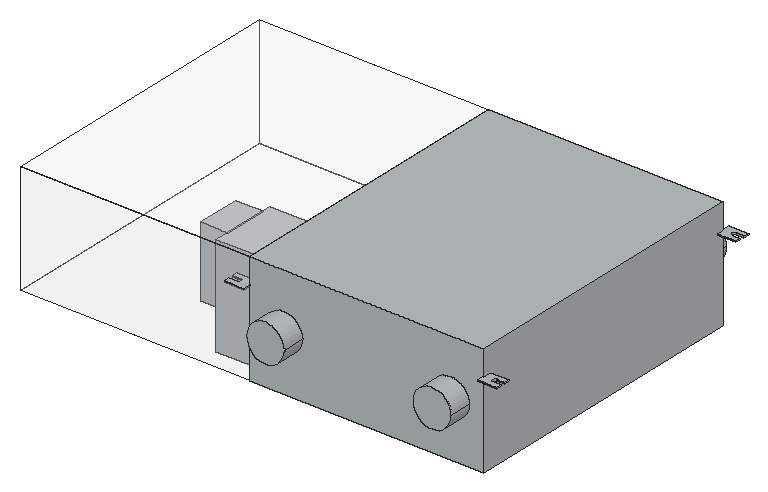
Revit family "lgh-n15_100rxw2_rxv2(d)-c_50Hz", category 機械設備, Revit 2019
Family settings
  丸型コネクタ寸法 = 直径を使用
  パーツ タイプ = 標準
  OmniClass 番号 = 23.75.10.34.21
  OmniClass タイトル = Heat Exchangers for Ventilation Air
  作業面ベース = いいえ
  常に垂直 = はい
  ロード時にボイドで切り取り = いいえ
  共有 = いいえ
  部屋計算ポイント = はい
Parameters (values of type "LGH-N15RXW2-C_100V")
  騒音レベル(dB(A)) = 31
  風量 = 150.0 m³/h
  面風速 = 5.31 m/s
  電源種別 [instance] = "一般"
  電圧 = 100 V
  電動機出力 = 0 W
  集中コントローラ = ""
  運転質量 = 0.00 kg
  連動 [instance] = ""
  質量 = if(製品質量 > 運転質量, 製品質量, 運転質量) * 1.2  # 27.60 kg
  負荷分類 = 3_ファン類
  説明 = "業務用ロスナイ 天井埋込形 DCマイコン CO2センサー付"
  設計風量 = 0.0 m³/h
  設置方法 = "天井吊(隠ぺい)形"
  記号 [instance] = ""
  製造元 = "三菱電機株式会社"
  製品質量 = 23.00 kg
  製品出荷対象 = "国内"
  製品リリース年月 = "2023/5/15"
  製品グループ = ""
  系統 [instance] = ""
  符号 = "HEU"
  積算_科目 = "1 空気調和設備"
  積算_拾い区分 [instance] = ""
  相 = 1
  盤記号 [instance] = ""
  発停方法 [instance] = ""
  特殊仕様 [instance] = ""
  点検口高さ = -Height  # -290 mm
  点検口離隔 = 150 mm
  点検口_Depth = 450 mm
  点検口 = yes
  火災停止 [instance] = ""
  温度交換効率 = 74.00%
  消費電力 = 85 W
  法定耐用年数 = "15"
  機外静圧_排気 = 210.0 Pa
  機外静圧 = 210.0 Pa
  極数 = 2
  材質 [instance] = ""
  本体マテリアル = 溶融亜鉛めっき鋼板
  操作・制御方式 = ""
  操作・制御スイッチ = ""
  排気量 = 0.0 m³/h
  形式 = "天井埋込ダクト形"
  幹線記号 [instance] = ""
  対象室 [instance] = ""
  実風量 = 0.0 m³/h
  始動方式 [instance] = "直入"
  天吊金具_径 = 13 mm
  天吊金具_幅 = 20 mm
  外気量 = 0.0 m³/h
  呼称 = "全熱交換ユニット"
  周波数 = 50 Hz
  天吊金具ピッチ2 = 780 mm
  天吊金具ピッチ1 = 670 mm
  天吊金具_高さ = 65 mm
  参照している仕様書等のバージョン = ""
  初期抵抗 = 0.0 Pa
  分類コード = "50052504100070"
  分類グループ = ""
  価格 = 581000
  企業コード = "108420"
  付属品_フィルター_還気 = ""
  付属品_フィルター = ""
  付属品 [instance] = ""
  仕様書バージョン = "Version1.0"
  モデル = "LGH-N15RXW2-C"
  メンテナンススペース = yes
  ダクト径 = 100 mm
  コメント [instance] = ""
  Keynote = ""
  エンタルピ交換効率_暖房 = 75.50%
  エンタルピ交換効率_冷房 = 64.50%
  Assembly Code = ""
  Width = 610 mm
  Version = ""
  Uniclass2015Version = "Systems v1.9"
  Uniclass2015Title = "Thermal wheels"
  Uniclass2015Code = "Pr_60_60_36_88"
  URL = "https://www.mitsubishielectric.co.jp/ldg/wink/qr/002/324426/"
  SpecificationReference = ""
  SpecificationDescription = ""
  Sensor_Width = 184 mm
  Sensor_D = 69 mm
  Sensor_Height = 183 mm
  Sensor_H = 14 mm
  Sensor_Depth = 115 mm
  SMAX風量 = 150.0 m³/h
  SMAX静圧 = 210.0 Pa
  SAサイズ_D = 97.5 mm
  Revision = ""
  RAサイズ_D = 97.5 mm
  ProductInformation = ""
  OmniClassCode = "23-27 23 19 11"
  OAダクト接続口方向_標準 = yes
  OAダクト接続口方向_変更 = not(OAダクト接続口方向_標準)  # no
  OAサイズ_W = 0 mm
  OAサイズ_D = 97.5 mm
  MIN風量 = 66.0 m³/h
  MIN静圧 = 35.0 Pa
  MID風量 = 108.0 m³/h
  MID静圧 = 93.0 Pa
  MAX風量 = 150.0 m³/h
  MAX静圧 = 180.0 Pa
  IfcTypeProduct = ""
  IfcProduct = ""
  IfcExportType = "ROTARYWHEEL"
  IfcExportAs = "IfcAirToAirHeatRecoveryType"
  Height = 290 mm
  EAダクト接続口方向_変更 = not(EAダクト接続口方向_標準)  # no
  EAダクト接続口方向_標準 = yes
  EAサイズ_W = 0 mm
  EAサイズ_D = 97.5 mm
  Duct_Pitch = 435 mm
  Duct_Height = 145 mm
  Duct_Depth = 59 mm
  DuctChange_Center = 118 mm
  Depth = 780 mm
  Clearance Top = 0 mm
  Clearance Left = 600 mm
  Clearance Bottom = 0 mm
  Box_Width = 115 mm
  Box_Height = 261 mm
  Box_H = 15 mm
  Box_Depth = 175 mm
  Box_D = 33 mm
  Author = "三菱電機株式会社"
Types (14, lengths in mm): name | 騒音レベル(dB(A)) | 風量 | 面風速 | 電圧 | 質量 | 製品質量 | 点検口高さ | 温度交換効率 | 消費電力 | 機外静圧_排気 | 機外静圧 | 極数 | 天吊金具ピッチ2 | 天吊金具ピッチ1 | 天吊金具_高さ | 価格 | モデル | ダクト径 | エンタルピ交換効率_暖房 | エンタルピ交換効率_冷房 | Width | URL | Sensor_D | Sensor_H | SMAX風量 | SMAX静圧 | SAサイズ_D | RAサイズ_D | OAサイズ_D | MIN風量 | MIN静圧 | MID風量 | MID静圧 | MAX風量 | MAX静圧 | Height | EAサイズ_D | Duct_Pitch | Duct_Height | Duct_Depth | DuctChange_Center | Depth | Box_H | Box_D
  LGH-N15RXW2-C_100V | 31 | 150.0 m³/h | 5.31 m/s | 100 V | 27.60 kg | 23.00 kg | -290 | 74.00% | 85 W | 210.0 Pa | 210.0 Pa | 2 | 780 | 670 | 65 | 581000 | "LGH-N15RXW2-C" | 100 | 75.50% | 64.50% | 610 | "https://www.mitsubishielectric.co.jp/ldg/wink/qr/002/324426/" | 69 | 14 | 150.0 m³/h | 210.0 Pa | 97.5 | 97.5 | 97.5 | 66.0 m³/h | 35.0 Pa | 108.0 m³/h | 93.0 Pa | 150.0 m³/h | 180.0 Pa | 290 | 97.5 | 435 | 145 | 59 | 118 | 780 | 15 | 33
  LGH-N15RXW2-C_200V | 31 | 150.0 m³/h | 5.31 m/s | 200 V | 27.60 kg | 23.00 kg | -290 | 74.00% | 85 W | 210.0 Pa | 210.0 Pa | 3 | 780 | 670 | 65 | 581000 | "LGH-N15RXW2-C" | 100 | 75.50% | 64.50% | 610 | "https://www.mitsubishielectric.co.jp/ldg/wink/qr/002/324426/" | 69 | 14 | 150.0 m³/h | 210.0 Pa | 97.5 | 97.5 | 97.5 | 66.0 m³/h | 35.0 Pa | 108.0 m³/h | 93.0 Pa | 150.0 m³/h | 180.0 Pa | 290 | 97.5 | 435 | 145 | 59 | 118 | 780 | 15 | 33
  LGH-N25RXW2-C_100V | 30 | 250.0 m³/h | 3.93 m/s | 100 V | 28.80 kg | 24.00 kg | -290 | 70.00% | 110 W | 170.0 Pa | 170.0 Pa | 2 | 780 | 795 | 65 | 613000 | "LGH-N25RXW2-C" | 150 | 73.00% | 63.00% | 735 | "https://www.mitsubishielectric.co.jp/ldg/wink/qr/002/324428/" | 69 | 14 | 250.0 m³/h | 170.0 Pa | 142 | 142 | 142 | 110.0 m³/h | 28.0 Pa | 180.0 m³/h | 75.0 Pa | 250.0 m³/h | 145.0 Pa | 290 | 142 | 520 | 145 | 69 | 118 | 780 | 15 | 33
  LGH-N25RXW2-C_200V | 30 | 250.0 m³/h | 3.93 m/s | 200 V | 28.80 kg | 24.00 kg | -290 | 70.00% | 110 W | 170.0 Pa | 170.0 Pa | 3 | 780 | 795 | 65 | 613000 | "LGH-N25RXW2-C" | 150 | 73.00% | 63.00% | 735 | "https://www.mitsubishielectric.co.jp/ldg/wink/qr/002/324428/" | 69 | 14 | 250.0 m³/h | 170.0 Pa | 142 | 142 | 142 | 110.0 m³/h | 28.0 Pa | 180.0 m³/h | 75.0 Pa | 250.0 m³/h | 145.0 Pa | 290 | 142 | 520 | 145 | 69 | 118 | 780 | 15 | 33
  LGH-N35RXW2-C_100V | 33 | 350.0 m³/h | 5.5 m/s | 100 V | 39.60 kg | 33.00 kg | -330 | 71.50% | 210 W | 300.0 Pa | 300.0 Pa | 2 | 890 | 935 | 70 | 653000 | "LGH-N35RXW2-C" | 150 | 74.50% | 65.50% | 875 | "https://www.mitsubishielectric.co.jp/ldg/wink/qr/002/324429/" | 104 | 22 | 350.0 m³/h | 300.0 Pa | 142 | 142 | 142 | 154.0 m³/h | 36.0 Pa | 252.0 m³/h | 96.0 Pa | 350.0 m³/h | 185.0 Pa | 330 | 142 | 600 | 165 | 69 | 140 | 890 | 23 | 68
  LGH-N35RXW2-C_200V | 33 | 350.0 m³/h | 5.5 m/s | 200 V | 39.60 kg | 33.00 kg | -330 | 71.50% | 210 W | 300.0 Pa | 300.0 Pa | 3 | 890 | 935 | 70 | 653000 | "LGH-N35RXW2-C" | 150 | 74.50% | 65.50% | 875 | "https://www.mitsubishielectric.co.jp/ldg/wink/qr/002/324429/" | 104 | 22 | 350.0 m³/h | 300.0 Pa | 142 | 142 | 142 | 154.0 m³/h | 36.0 Pa | 252.0 m³/h | 96.0 Pa | 350.0 m³/h | 185.0 Pa | 330 | 142 | 600 | 165 | 69 | 140 | 890 | 23 | 68
  LGH-N50RXW2-C_100V | 37 | 500.0 m³/h | 4.42 m/s | 100 V | 44.40 kg | 37.00 kg | -330 | 71.00% | 315 W | 310.0 Pa | 310.0 Pa | 2 | 890 | 1080 | 70 | 733000 | "LGH-N50RXW2-C" | 200 | 73.00% | 63.00% | 1020 | "https://www.mitsubishielectric.co.jp/ldg/wink/qr/002/324430/" | 104 | 22 | 500.0 m³/h | 310.0 Pa | 192 | 192 | 192 | 220.0 m³/h | 37.0 Pa | 360.0 m³/h | 98.0 Pa | 500.0 m³/h | 190.0 Pa | 330 | 192 | 700 | 165 | 84 | 130 | 890 | 23 | 68
  LGH-N50RXW2-C_200V | 37 | 500.0 m³/h | 4.42 m/s | 200 V | 44.40 kg | 37.00 kg | -330 | 71.00% | 315 W | 310.0 Pa | 310.0 Pa | 3 | 890 | 1080 | 70 | 733000 | "LGH-N50RXW2-C" | 200 | 73.00% | 63.00% | 1020 | "https://www.mitsubishielectric.co.jp/ldg/wink/qr/002/324430/" | 104 | 22 | 500.0 m³/h | 310.0 Pa | 192 | 192 | 192 | 220.0 m³/h | 37.0 Pa | 360.0 m³/h | 98.0 Pa | 500.0 m³/h | 190.0 Pa | 330 | 192 | 700 | 165 | 84 | 130 | 890 | 23 | 68
  LGH-N65RXW2-C_100V | 40 | 650.0 m³/h | 5.75 m/s | 100 V | 51.60 kg | 43.00 kg | -404 | 71.50% | 445 W | 320.0 Pa | 320.0 Pa | 2 | 984 | 952 | 76 | 809000 | "LGH-N65RXW2-C" | 200 | 72.00% | 63.00% | 892 | "https://www.mitsubishielectric.co.jp/ldg/wink/qr/002/324431/" | 107 | 56 | 650.0 m³/h | 320.0 Pa | 192 | 192 | 192 | 286.0 m³/h | 45.0 Pa | 468.0 m³/h | 119.0 Pa | 650.0 m³/h | 230.0 Pa | 404 | 192 | 620 | 202 | 84 | 122 | 984 | 57 | 71
  LGH-N65RXW2-C_200V | 40 | 650.0 m³/h | 5.75 m/s | 200 V | 51.60 kg | 43.00 kg | -404 | 71.50% | 445 W | 320.0 Pa | 320.0 Pa | 3 | 984 | 952 | 76 | 809000 | "LGH-N65RXW2-C" | 200 | 72.00% | 63.00% | 892 | "https://www.mitsubishielectric.co.jp/ldg/wink/qr/002/324431/" | 107 | 56 | 650.0 m³/h | 320.0 Pa | 192 | 192 | 192 | 286.0 m³/h | 45.0 Pa | 468.0 m³/h | 119.0 Pa | 650.0 m³/h | 230.0 Pa | 404 | 192 | 620 | 202 | 84 | 122 | 984 | 57 | 71
  LGH-N80RXV2-C | 40 | 800.0 m³/h | 4.53 m/s | 100 V | 63.60 kg | 53.00 kg | -404 | 73.00% | 540 W | 310.0 Pa | 310.0 Pa | 2 | 1144 | 1064 | 76 | 921000 | "LGH-N80RXV2-C" | 250 | 75.00% | 65.00% | 1004 | "https://www.mitsubishielectric.co.jp/ldg/wink/qr/002/324432/" | 182 | 87 | 800.0 m³/h | 310.0 Pa | 242 | 242 | 242 | 352.0 m³/h | 37.0 Pa | 576.0 m³/h | 98.0 Pa | 800.0 m³/h | 190.0 Pa | 404 | 242 | 690 | 202 | 84 | 165 | 1144 | 88 | 146
  LGH-N80RXV2D-C | 40 | 800.0 m³/h | 4.53 m/s | 200 V | 63.60 kg | 53.00 kg | -404 | 73.00% | 540 W | 310.0 Pa | 310.0 Pa | 3 | 1144 | 1064 | 76 | 921000 | "LGH-N80RXV2D-C" | 250 | 75.00% | 65.00% | 1004 | "https://www.mitsubishielectric.co.jp/ldg/wink/qr/002/324433/" | 182 | 87 | 800.0 m³/h | 310.0 Pa | 242 | 242 | 242 | 352.0 m³/h | 37.0 Pa | 576.0 m³/h | 98.0 Pa | 800.0 m³/h | 190.0 Pa | 404 | 242 | 690 | 202 | 84 | 165 | 1144 | 88 | 146
  LGH-N100RXV2-C | 38 | 1000.0 m³/h | 5.66 m/s | 100 V | 69.60 kg | 58.00 kg | -404 | 73.00% | 580 W | 225.0 Pa | 225.0 Pa | 2 | 1144 | 1291 | 76 | 1020000 | "LGH-N100RXV2-C" | 250 | 75.00% | 65.00% | 1231 | "https://www.mitsubishielectric.co.jp/ldg/wink/qr/002/324423/" | 182 | 87 | 1000.0 m³/h | 225.0 Pa | 242 | 242 | 242 | 440.0 m³/h | 32.0 Pa | 720.0 m³/h | 86.0 Pa | 1000.0 m³/h | 165.0 Pa | 404 | 242 | 917 | 202 | 84 | 165 | 1144 | 88 | 146
  LGH-N100RXV2D-C | 38 | 1000.0 m³/h | 5.66 m/s | 200 V | 69.60 kg | 58.00 kg | -404 | 73.00% | 580 W | 225.0 Pa | 225.0 Pa | 3 | 1144 | 1291 | 76 | 1020000 | "LGH-N100RXV2D-C" | 250 | 75.00% | 65.00% | 1231 | "https://www.mitsubishielectric.co.jp/ldg/wink/qr/002/324424/" | 182 | 87 | 1000.0 m³/h | 225.0 Pa | 242 | 242 | 242 | 440.0 m³/h | 32.0 Pa | 720.0 m³/h | 86.0 Pa | 1000.0 m³/h | 165.0 Pa | 404 | 242 | 917 | 202 | 84 | 165 | 1144 | 88 | 146
Reference planes
  plane 1 "中心(正面/背面)": y = 0
  plane 2: z = 0
  plane 3 "中心(左/右)": x = 0
  plane 4: x = -305
  plane 5: x = 305
  plane 6: y = 390
  plane 7: y = -390
  plane 8: z = -290
  plane 9: z = -145
  plane 10: x = -217.5
  plane 11: x = 217.5
  plane 12: y = -449
  plane 13: y = 449
  plane 14: y = 272
  plane 15: x = -364
  plane 16: x = 364
  plane 17: x = -905
  plane 18: y = -357
  plane 19: y = -182
  plane 20: z = -15
  plane 21: z = -276
  plane 22: x = -420
  plane 23: x = -455
  plane 24: y = 225
  plane 25: x = -335
  plane 26: x = 335
  plane 27: y = 390
  plane 28: y = -390
  plane 29: y = -225
  plane 30: x = -355
  plane 31: y = 410
  plane 32: y = 370
  plane 33: y = -370
  plane 34: y = -410
  plane 35: z = -5
  plane 36: z = -65
  plane 37: z = -68
  plane 38: x = 355
  plane 39: y = -321
  plane 40: y = -206
  plane 41: z = -14
  plane 42: z = -197
  plane 43: x = -489
  plane 44: z = -290
  plane 45: z = 0
Forms (mm)
  Extrusion 1, solid, material "溶融亜鉛めっき鋼板" <- "本体マテリアル", detail levels fine
    sketch origin (0, 0, 0) x (1, 0, 0) y (0, 1, 0)
      loop
        line (-305, 390) -> (-305, -390) -> (305, -390) -> (305, 390) -> (-305, 390)
    from 0 to -290
  Extrusion 2, solid, material "溶融亜鉛めっき鋼板" <- "本体マテリアル", detail levels fine
    sketch origin (510, -445, 0) x (-1, 0, 0) y (0, 0, -1)
      loop
        circle (292.5, 145) r 48.75
    from -55 to 4
  Extrusion 3, solid, material "溶融亜鉛めっき鋼板" <- "本体マテリアル", detail levels fine
    sketch origin (-305, -390, 0) x (0, 1, 0) y (0, 0, -1)
      loop
        line (208, 15) -> (208, 276) -> (33, 276) -> (33, 15) -> (208, 15)
    from 0 to 115
  Extrusion 4, solid, material "溶融亜鉛めっき鋼板" <- "本体マテリアル", detail levels fine
    sketch origin (0, 0, 0) x (1, 0, 0) y (0, 1, 0)
      loop
        line (-355, 410) -> (-355, 396.5) -> (-335, 396.5)
        arc (-335, 396.5) -> (-328.5, 390) -> (-335, 383.5) r 6.5
        line (-335, 383.5) -> (-355, 383.5) -> (-355, 370) -> (-305, 370) -> (-305, 410) -> (-355, 410)
    from -65 to -68
  Extrusion 5, solid, material "溶融亜鉛めっき鋼板" <- "本体マテリアル", detail levels fine
    sketch origin (0, 0, 0) x (1, 0, 0) y (0, 1, 0)
      loop
        line (-355, -410) -> (-305, -410) -> (-305, -370) -> (-355, -370) -> (-355, -383.5) -> (-335, -383.5)
        arc (-335, -383.5) -> (-328.5, -390) -> (-335, -396.5) r 6.5
        line (-335, -396.5) -> (-355, -396.5) -> (-355, -410)
    from -65 to -68
  Extrusion 6, solid, material "溶融亜鉛めっき鋼板" <- "本体マテリアル", detail levels fine
    sketch origin (0, 0, 0) x (-1, 0, 0) y (0, -1, 0)
      loop
        line (-355, 410) -> (-355, 396.5) -> (-335, 396.5)
        arc (-335, 396.5) -> (-328.5, 390) -> (-335, 383.5) r 6.5
        line (-335, 383.5) -> (-355, 383.5) -> (-355, 370) -> (-305, 370) -> (-305, 410) -> (-355, 410)
    from -65 to -68
  Extrusion 7, solid, material "溶融亜鉛めっき鋼板" <- "本体マテリアル", detail levels fine
    sketch origin (0, 0, 0) x (-1, 0, 0) y (0, -1, 0)
      loop
        line (-355, -410) -> (-305, -410) -> (-305, -370) -> (-355, -370) -> (-355, -383.5) -> (-335, -383.5)
        arc (-335, -383.5) -> (-328.5, -390) -> (-335, -396.5) r 6.5
        line (-335, -396.5) -> (-355, -396.5) -> (-355, -410)
    from -65 to -68
  Extrusion 8, solid, material "溶融亜鉛めっき鋼板" <- "本体マテリアル", visible <- "EAダクト接続口方向_標準", detail levels fine
    sketch origin (510, 445, 0) x (-1, 0, 0) y (0, 0, 1)
      loop
        circle (292.5, -145) r 48.75
    from -55 to 4
  Extrusion 9, solid, material "溶融亜鉛めっき鋼板" <- "本体マテリアル", visible <- "OAダクト接続口方向_標準", detail levels fine
    sketch origin (-510, 445, 0) x (1, 0, 0) y (0, 0, -1)
      loop
        circle (292.5, 145) r 48.75
    from -55 to 4
  Extrusion 10, solid, material "溶融亜鉛めっき鋼板" <- "本体マテリアル", detail levels fine
    sketch origin (-510, -445, 0) x (1, 0, 0) y (0, 0, 1)
      loop
        circle (292.5, -145) r 48.75
    from -55 to 4
  Extrusion 11, solid, material "溶融亜鉛めっき鋼板" <- "本体マテリアル", visible <- "EAダクト接続口方向_変更", detail levels fine
    sketch origin (0, 0, 0) x (0, 1, 0) y (0, 0, 1)
      loop
        circle (272, -145) r 48.75
    from 305 to 364
  Extrusion 12, solid, material "溶融亜鉛めっき鋼板" <- "本体マテリアル", visible <- "OAダクト接続口方向_変更", detail levels fine
    sketch origin (0, 0, 0) x (0, 1, 0) y (0, 0, -1)
      loop
        circle (272, 145) r 48.75
    from 305 to 364
  Extrusion 13, solid, material "溶融亜鉛めっき鋼板" <- "本体マテリアル", detail levels fine
    sketch origin (0, 0, 0) x (0, 1, 0) y (0, 0, 1)
      loop
        line (-206, -14) -> (-321, -14) -> (-321, -197) -> (-206, -197) -> (-206, -14)
    from -489 to -420
Lines and regions (mm)
  Masking region 1, detail levels coarse+medium
    outline origin (1326.5, 29, 0) x (1, 0, 0) y (0, 1, 0)
      loop
        line (-1631.5, 361) -> (-1631.5, -419) -> (-1021.5, -419) -> (-1021.5, 361) -> (-1631.5, 361)
  symbolic lines, detail levels coarse+medium
    curve 1: line (0, 390, 0) -> (-305, 0, 0)
    curve 2: line (-305, 0, 0) -> (0, -390, 0)
    curve 3: line (0, -390, 0) -> (305, 0, 0)
    curve 4: line (305, 0, 0) -> (0, 390, 0)
Dimensions and locks
  equal spacing: plane 4, plane 3 "中心(左/右)", plane 5
  "Width": plane 4 to plane 5
  equal spacing: plane 6, plane 1 "中心(正面/背面)", plane 7
  "Depth": plane 6 to plane 7
  "Height": level to plane 8
  "Duct_Height": level to plane 9
  equal spacing: plane 11, plane 3 "中心(左/右)", plane 10
  "Duct_Pitch": plane 11 to plane 10
  "Duct_Depth": plane 13 to plane 6
  "Duct_Depth": plane 7 to plane 12
  "DuctChange_Center": plane 6 to plane 14
  "Duct_Depth": plane 5 to plane 16
  "Duct_Depth": plane 15 to plane 4
  "Clearance Left": plane 17 to plane 4
  "Box_H": level to plane 20
  "Box_Height": plane 20 to plane 21
  "Box_D": plane 18 to plane 7
  "Box_Depth": plane 19 to plane 18
  "Box_Width": plane 22 to plane 4
  "点検口離隔": plane 23 to plane 4
  equal spacing: plane 25, plane 3 "中心(左/右)", plane 26
  "天吊金具ピッチ1": plane 25 to plane 26
  equal spacing: plane 27, plane 1 "中心(正面/背面)", plane 28
  "天吊金具ピッチ2": plane 27 to plane 28
  equal spacing: plane 24, plane 1 "中心(正面/背面)", plane 29
  "点検口_Depth": plane 24 to plane 29
  equal spacing: plane 31, plane 27, plane 32
  locked: plane 31 to plane 32 at 40
  "天吊金具_幅": plane 30 to plane 25
  "天吊金具_高さ": level to plane 36
  locked: plane 36 to plane 37 at 3
  equal spacing: plane 33, plane 28, plane 34
  locked: plane 33 to plane 34 at 40
  "天吊金具_幅": plane 26 to plane 38
  "Sensor_D": plane 39 to plane 28
  "Sensor_Depth": plane 40 to plane 39
  "Sensor_H": level to plane 41
  "Sensor_Height": plane 41 to plane 42
  "Sensor_Width": plane 43 to plane 4
  "Clearance Top": plane 45 to level
  "Clearance Bottom": plane 8 to plane 44
  "RAサイズ_D": diameter of Extrusion 2 sketch curve
  "EAサイズ_D": diameter of Extrusion 8 sketch curve
  "OAサイズ_D": diameter of Extrusion 9 sketch curve
  "SAサイズ_D": diameter of Extrusion 10 sketch curve
  "EAサイズ_D": diameter of Extrusion 11 sketch curve
  "EAサイズ_D": diameter of Extrusion 12 sketch curve
  "天吊金具_径": diameter of Extrusion 5 sketch curve
  "天吊金具_径": diameter of Extrusion 4 sketch curve
  "天吊金具_径": diameter of Extrusion 7 sketch curve
  "天吊金具_径": diameter of Extrusion 6 sketch curve
  aligned and locked: level to plane 2
  aligned and locked: Extrusion 1 to plane 8
  aligned and locked: plane 7 to Extrusion 2
  aligned and locked: Extrusion 2 to plane 12
  aligned and locked: plane 17 to nested 1
  aligned and locked: plane 4 to nested 1
  aligned and locked: nested 1 to plane 6
  aligned and locked: nested 1 to plane 7
  aligned and locked: Extrusion 3 to plane 22
  aligned and locked: plane 4 to Extrusion 3
  aligned and locked: Masking region 1 to plane 4
  aligned and locked: plane 5 to Masking region 1
  aligned and locked: plane 6 to Masking region 1
  aligned and locked: Masking region 1 to plane 7
  aligned and locked: plane 26 to nested 2
  aligned and locked: plane 25 to nested 2
  aligned and locked: nested 2 to plane 28
  aligned and locked: plane 27 to nested 2
  aligned and locked: Extrusion 3 to plane 19
  aligned and locked: Extrusion 3 to plane 21
  aligned and locked: plane 20 to Extrusion 3
  aligned and locked: plane 18 to Extrusion 3
  aligned and locked: plane 23 to nested 3
  aligned and locked: plane 17 to nested 3
  aligned and locked: plane 24 to nested 3
  aligned and locked: nested 3 to plane 29
  aligned and locked: plane 4 to Extrusion 4
  aligned and locked: Extrusion 4 to plane 30  (x2)
  aligned and locked: plane 31 to Extrusion 4
  aligned and locked: Extrusion 4 to plane 36
  aligned and locked: Extrusion 4 to plane 37
  aligned and locked: plane 4 to Extrusion 5
  aligned and locked: plane 33 to Extrusion 5
  aligned and locked: Extrusion 5 to plane 34
  aligned and locked: Extrusion 5 to plane 30  (x2)
  aligned and locked: Extrusion 5 to Extrusion 4  (x2)
  aligned and locked: Extrusion 7 to plane 38  (x2)
  aligned and locked: Extrusion 7 to plane 32
  aligned and locked: plane 31 to Extrusion 7
  aligned and locked: Extrusion 6 to plane 38
  aligned and locked: Extrusion 6 to plane 34
  aligned and locked: Extrusion 6 to plane 5
  aligned and locked: plane 33 to Extrusion 6
  aligned and locked: Extrusion 6 to plane 37
  aligned and locked: plane 36 to Extrusion 6
  aligned and locked: Extrusion 7 to plane 37
  aligned and locked: plane 36 to Extrusion 7
  aligned and locked: plane 13 to Extrusion 8
  aligned and locked: Extrusion 8 to plane 6
  aligned and locked: plane 13 to Extrusion 9
  aligned and locked: Extrusion 9 to plane 6
  aligned and locked: Extrusion 10 to plane 12
  aligned and locked: plane 7 to Extrusion 10
  aligned and locked: plane 16 to Extrusion 11
  aligned and locked: Extrusion 11 to plane 5
  aligned and locked: plane 4 to Extrusion 12
  aligned and locked: Extrusion 12 to plane 15
  aligned and locked: plane 41 to Extrusion 13 sketch curve
  aligned and locked: Extrusion 13 sketch curve to plane 40
  aligned and locked: Extrusion 13 sketch curve to plane 42
  aligned and locked: plane 39 to Extrusion 13 sketch curve
  aligned and locked: Extrusion 13 to plane 43
  aligned and locked: Extrusion 13 to Extrusion 3
  aligned and locked: plane 44 to nested 1
  aligned and locked: plane 45 to nested 1
Automatic sketch dimensions
  plane 1 "中心(正面/背面)" to curve 1 = 0 mm
  curve 1 to plane 4 = 0 mm
  curve 2 to plane 3 "中心(左/右)" = 0 mm
  curve 4 to plane 3 "中心(左/右)" = 0 mm
  plane 1 "中心(正面/背面)" to curve 4 = 0 mm
  curve 4 to plane 5 = 0 mm
  curve 2 to plane 7 = 0 mm
  curve 4 to plane 6 = 0 mm
  Extrusion 1 sketch curve to plane 4 = 0 mm
  Extrusion 1 sketch curve to plane 5 = 0 mm
  Extrusion 1 sketch curve to plane 7 = 0 mm
  Extrusion 1 sketch curve to plane 6 = 0 mm
  Extrusion 2 sketch curve to plane 9 = 0 mm
  Extrusion 2 sketch curve to plane 11 = 0 mm
  Extrusion 3 sketch curve to Extrusion 1 = 33 mm
  Extrusion 1 to Extrusion 3 sketch curve = 14 mm
  Extrusion 3 sketch curve to Extrusion 3 sketch curve = 175 mm
  Extrusion 1 to Extrusion 3 sketch curve = 15 mm
  Masking region 1 sketch curve to plane 4 = 0 mm
  Masking region 1 sketch curve to plane 5 = 0 mm
  Masking region 1 sketch curve to plane 7 = 0 mm
  Masking region 1 sketch curve to plane 6 = 0 mm
  Extrusion 8 sketch curve to plane 9 = 0 mm
  Extrusion 8 sketch curve to plane 11 = 0 mm
  Extrusion 9 sketch curve to plane 9 = 0 mm
  Extrusion 9 sketch curve to plane 10 = 0 mm
  Extrusion 10 sketch curve to plane 9 = 0 mm
  Extrusion 10 sketch curve to plane 10 = 0 mm
  Extrusion 11 sketch curve to plane 9 = 0 mm
  Extrusion 11 sketch curve to plane 14 = 0 mm
  Extrusion 12 sketch curve to plane 9 = 0 mm
  Extrusion 12 sketch curve to plane 14 = 0 mm
  Extrusion 4 sketch curve to plane 30 = 0 mm  (x2)
  Extrusion 4 sketch curve to plane 25 = 0 mm
  Extrusion 4 sketch curve to plane 4 = 0 mm
  Extrusion 4 sketch curve to plane 32 = 0 mm
  Extrusion 4 sketch curve to plane 6 = 0 mm
  Extrusion 4 sketch curve to plane 31 = 0 mm
  Extrusion 5 sketch curve to plane 30 = 0 mm  (x2)
  Extrusion 5 sketch curve to plane 25 = 0 mm
  Extrusion 5 sketch curve to plane 4 = 0 mm
  Extrusion 5 sketch curve to plane 33 = 0 mm
  Extrusion 5 sketch curve to plane 7 = 0 mm
  Extrusion 5 sketch curve to plane 34 = 0 mm
  Extrusion 6 sketch curve to plane 34 = 0 mm
  Extrusion 6 sketch curve to plane 38 = 0 mm  (x2)
  Extrusion 6 sketch curve to plane 26 = 0 mm
  Extrusion 6 sketch curve to plane 5 = 0 mm
  Extrusion 6 sketch curve to plane 33 = 0 mm
  Extrusion 6 sketch curve to plane 7 = 0 mm
  Extrusion 7 sketch curve to plane 31 = 0 mm
  Extrusion 7 sketch curve to plane 38 = 0 mm  (x2)
  Extrusion 7 sketch curve to plane 26 = 0 mm
  Extrusion 7 sketch curve to plane 5 = 0 mm
  Extrusion 7 sketch curve to plane 32 = 0 mm
  Extrusion 7 sketch curve to plane 6 = 0 mm
Nested families
  nested 1: "メンテナンススペース" at (-605, 0, -145), visible <- "メンテナンススペース", type "メンテナンススペース"
    with Width 600 mm, Height 290 mm, Depth 780 mm
  nested 2: "固定点" at (-335, -390, 0), type "固定点"
    with W 670 mm, D 780 mm
  nested 3: "点検口設置範囲" at (-680, 0, -290), built-in parameter 1001364 <- "点検口高さ", visible <- "点検口", type "点検口設置範囲"
    with Width 450 mm, Depth 450 mm
Connectors
  hvac at (217.5, -449, -145), driven by "ダクト径", driven by "機外静圧", driven by "風量"
    settings: on Extrusion 2, index 2, duct flow 150.0 m³/h, flow factor 0, pres drop 210.0 Pa, loss coef 0, conn angle 0.00°, conn width 304.8 mm, conn height 304.8 mm, conn diameter 100 mm, duct sys type 2, conn prof type 0, flow config 0, flow direction 1, loss method 4, conn ref index -1, conn util no, is conn primary yes, conn desc ""
  electrical at (-362.5, -357, -145.5), driven by "負荷分類", driven by "相", driven by "電圧", driven by "消費電力"
    settings: on Extrusion 3, index 7, voltage 100 V, apparent load 85 VA, apparent load phase1 0 VA, apparent load phase2 0 VA, apparent load phase3 0 VA, power factor 1, load classification "3_ファン類", number of poles 1, system type 30, power factor state 1, is connector primary yes, connector utility no, sub classification motor no, connector description ""
  hvac at (217.5, 449, -145), driven by "ダクト径", driven by "排気量", driven by "機外静圧_排気"
    settings: on Extrusion 8, index 8, duct flow 0.0 m³/h, flow factor 0, pres drop 210.0 Pa, loss coef 0, conn angle 0.00°, conn width 304.8 mm, conn height 304.8 mm, conn diameter 100 mm, duct sys type 3, conn prof type 0, flow config 0, flow direction 2, loss method 4, conn ref index -1, conn util no, is conn primary no, conn desc ""
  hvac at (-217.5, 449, -145), driven by "ダクト径", driven by "外気量", driven by "機外静圧"
    settings: on Extrusion 9, index 9, duct flow 0.0 m³/h, flow factor 0, pres drop 210.0 Pa, loss coef 0, conn angle 0.00°, conn width 304.8 mm, conn height 304.8 mm, conn diameter 100 mm, duct sys type 4, conn prof type 0, flow config 0, flow direction 1, loss method 4, conn ref index -1, conn util no, is conn primary no, conn desc ""
  hvac at (-217.5, -449, -145), driven by "ダクト径", driven by "風量", driven by "機外静圧"
    settings: on Extrusion 10, index 10, duct flow 150.0 m³/h, flow factor 0, pres drop 210.0 Pa, loss coef 0, conn angle 0.00°, conn width 304.8 mm, conn height 304.8 mm, conn diameter 100 mm, duct sys type 1, conn prof type 0, flow config 0, flow direction 2, loss method 4, conn ref index -1, conn util no, is conn primary no, conn desc ""
  hvac at (364, 272, -145), driven by "ダクト径", driven by "機外静圧_排気", driven by "排気量"
    settings: on Extrusion 11, index 11, duct flow 0.0 m³/h, flow factor 0, pres drop 210.0 Pa, loss coef 0, conn angle 0.00°, conn width 304.8 mm, conn height 304.8 mm, conn diameter 100 mm, duct sys type 3, conn prof type 0, flow config 0, flow direction 2, loss method 4, conn ref index -1, conn util no, is conn primary no, conn desc ""
  hvac at (-364, 272, -145), driven by "ダクト径", driven by "機外静圧", driven by "外気量"
    settings: on Extrusion 12, index 12, duct flow 0.0 m³/h, flow factor 0, pres drop 210.0 Pa, loss coef 0, conn angle 0.00°, conn width 304.8 mm, conn height 304.8 mm, conn diameter 100 mm, duct sys type 4, conn prof type 0, flow config 0, flow direction 1, loss method 4, conn ref index -1, conn util no, is conn primary no, conn desc ""
Definition of nested family "メンテナンススペース"
  Parameters (values of type "メンテナンススペース")
    Width [instance] = 500 mm
    Height [instance] = 500 mm
    Depth [instance] = 500 mm
  Reference planes
    plane 1 "中心(正面/背面)": y = 0
    plane 2: z = 0
    plane 3 "中心(左/右)": x = 0
    plane 4: y = -250
    plane 5: x = 250
    plane 6: y = 250
    plane 7: x = -250
    plane 8: z = 250
    plane 9: z = -250
  Forms (mm)
    Extrusion 1, solid
      sketch origin (-638.939, 0, 72.39) x (1, 0, 0) y (0, 1, 0)
        loop
          line (388.939, 250) -> (388.939, -250) -> (888.939, -250) -> (888.939, 250) -> (388.939, 250)
      from -322.39 to 177.61
  Lines and regions (mm)
    symbolic lines
      curve 1: line (-250, 0, 250) -> (250, 0, 250)
      curve 2: line (-250, 0, -250) -> (-250, 0, 250)
      curve 3: line (250, 0, -250) -> (-250, 0, -250)
      curve 4: line (250, 0, 250) -> (250, 0, -250)
      curve 5: line (0, -250, 250) -> (0, 250, 250)
      curve 6: line (0, -250, -250) -> (0, -250, 250)
      curve 7: line (0, 250, -250) -> (0, -250, -250)
      curve 8: line (0, 250, 250) -> (0, 250, -250)
      curve 9: line (-250, 250, 0) -> (250, 250, 0)
      curve 10: line (-250, -250, 0) -> (-250, 250, 0)
      curve 11: line (250, -250, 0) -> (-250, -250, 0)
      curve 12: line (250, 250, 0) -> (250, -250, 0)
  Dimensions and locks
    equal spacing: plane 7, plane 3 "中心(左/右)", plane 5
    equal spacing: plane 4, plane 1 "中心(正面/背面)", plane 6
    "Depth": plane 4 to plane 6
    "Width": plane 7 to plane 5
    equal spacing: plane 8, plane 2, plane 9
    "Height": plane 8 to plane 9
    aligned and locked: plane 9 to curve 3
    aligned and locked: plane 7 to curve 2
    aligned and locked: curve 4 to plane 5
    aligned and locked: plane 5 to Extrusion 1
    aligned and locked: Extrusion 1 to plane 7
    aligned and locked: Extrusion 1 to plane 9
    aligned and locked: plane 8 to Extrusion 1
    aligned and locked: plane 9 to curve 7
  Automatic sketch dimensions
    plane 4 to Extrusion 1 sketch curve = 0 mm
    Extrusion 1 sketch curve to plane 7 = 0 mm
    Extrusion 1 sketch curve to plane 5 = 0 mm
    plane 6 to Extrusion 1 sketch curve = 0 mm
    curve 2 to plane 8 = 0 mm
    plane 4 to curve 11 = 0 mm
    curve 11 to plane 7 = 0 mm
    curve 11 to plane 5 = 0 mm
    plane 6 to curve 10 = 0 mm
    curve 7 to plane 4 = 0 mm
    curve 7 to plane 6 = 0 mm
    curve 6 to plane 8 = 0 mm
Definition of nested family "固定点"
  Parameters (values of type "固定点")
    中心円 = 20 mm
    W [instance] = 1000 mm
    D [instance] = 1000 mm
  Reference planes
    plane 1 "中心(正面/背面)": y = 0
    plane 2: z = 0
    plane 3 "中心(左/右)": x = 0
    plane 4: x = 1000
    plane 5: y = 1000
  Lines and regions (mm)
    symbolic lines, detail levels fine
      curve 1: circle (0, 1000, 0) r 10 normal (0, 0, 1)
      curve 2: circle (0, 0, 0) r 10 normal (0, 0, 1)
      curve 3: circle (1000, 1000, 0) r 10 normal (0, 0, 1)
      curve 4: circle (1000, 0, 0) r 10 normal (0, 0, 1)
      curve 5: line (-200, 1000, 0) -> (1200, 1000, 0)
      curve 6: line (-200, 0, 0) -> (1200, 0, 0)
      curve 7: line (0, 1200, 0) -> (0, -200, 0)
      curve 8: line (1000, 1200, 0) -> (1000, -200, 0)
  Dimensions and locks
    "W": plane 3 "中心(左/右)" to plane 4
    "D": plane 1 "中心(正面/背面)" to plane 5
    "中心円": diameter of curve 1
    "中心円": diameter of curve 2
    "中心円": diameter of curve 3
    "中心円": diameter of curve 4
    aligned and locked: level to plane 2
    aligned and locked: plane 5 to curve 1
    aligned and locked: plane 3 "中心(左/右)" to curve 1
    aligned and locked: plane 3 "中心(左/右)" to curve 2
    aligned and locked: plane 1 "中心(正面/背面)" to curve 2
    aligned and locked: plane 4 to curve 3
    aligned and locked: plane 5 to curve 3
    aligned and locked: plane 1 "中心(正面/背面)" to curve 4
    aligned and locked: plane 4 to curve 4
    aligned and locked: plane 1 "中心(正面/背面)" to curve 6
    aligned and locked: curve 7 to plane 3 "中心(左/右)"
    aligned and locked: curve 8 to plane 4
  Automatic sketch dimensions
    curve 5 to plane 5 = 0 mm
    curve 6 to plane 3 "中心(左/右)" = 200 mm
    curve 5 to plane 3 "中心(左/右)" = 200 mm
    curve 4 to curve 6 = 200 mm
    curve 3 to curve 5 = 200 mm
    plane 1 "中心(正面/背面)" to curve 8 = 200 mm
    plane 1 "中心(正面/背面)" to curve 7 = 200 mm
    curve 3 to curve 8 = 200 mm
    curve 1 to curve 7 = 200 mm
Definition of nested family "点検口設置範囲"
  Parameters (values of type "点検口設置範囲")
    Width [instance] = 1000 mm
    Depth [instance] = 700 mm
  Reference planes
    plane 1 "中心(正面/背面)": y = 0
    plane 2: z = 0
    plane 3 "中心(左/右)": x = 0
    plane 4: x = -500
    plane 5: x = 500
    plane 6: y = -350
    plane 7: y = 350
  Lines and regions (mm)
    model lines
      curve 1: line (-500, 350, 0) -> (500, 350, 0)
      curve 2: line (-500, -350, 0) -> (-500, 350, 0)
      curve 3: line (500, -350, 0) -> (-500, -350, 0)
      curve 4: line (500, 350, 0) -> (500, -350, 0)
  Dimensions and locks
    "Depth": plane 7 to plane 6
    "Width": plane 4 to plane 5
    equal spacing: plane 7, plane 1 "中心(正面/背面)", plane 6
    equal spacing: plane 4, plane 3 "中心(左/右)", plane 5
    aligned and locked: level to plane 2
    aligned and locked: plane 4 to curve 2
    aligned and locked: curve 1 to plane 7
    aligned and locked: curve 4 to plane 5
    aligned and locked: plane 6 to curve 3
